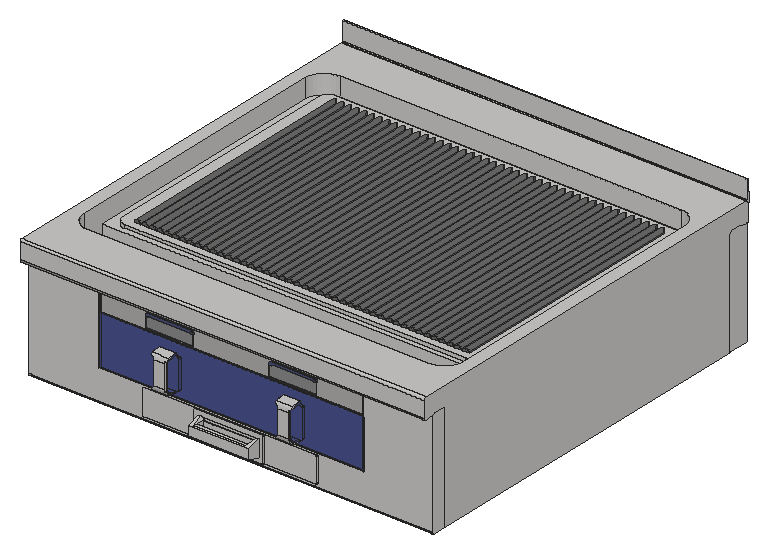
Revit family "QF_ELECTROLUXPROFESSIONAL_588067_MAHNABHOAO", category Specialty Equipment, Revit 2018
Family settings
  Round Connector Dimension = Use Diameter
  Part Type = Normal
  Work Plane-Based = No
  Always vertical = Yes
  Cut with Voids When Loaded = No
  Shared = No
  Room Calculation Point = No
Parameters
  Weight in Pounds = 264.6  # constant formula
  Watts = 15300 VA  # 15300 W
  Volts = 400 V  # constant formula
  URL Cutsheet = ""
  Type Mark [instance] = ""
  Status [instance] = ""
  Specification by User [instance] = ""
  Specification by Manufacturer = ""
  Show Clearance [instance] = yes
  Serial Number = ""
  Seismic Rating = ""
  SMACNA No = ""
  Revision Code [instance] = ""
  Phase = 3  # constant formula
  Omniclass Number and Title = ""
  Number of Poles [instance] = 1
  NAFEM Spec ID Number = ""
  Model = "588067"
  Min Ckt Ampacity = 0 A
  Max Overcurrent Protection = 0 A
  Masterspec = ""
  Manufacturer = "ELECTROLUX"
  Item Number [instance] = ""
  Installed By [instance] = ""
  Identify Quantity as Lot [instance] = yes
  HP = "20.5 HP"
  Furnished By [instance] = ""
  Foodservice Equipment Identifier [instance] = yes
  FL Amps [instance] = if(Phase = 3, Watts / (Volts * 1.73), Watts / Volts)  # 22.1098 A
  Electrical Remarks = "400 V/3N ph/50/60 Hz"  # constant formula
  Electric Connection Type [instance] = ""
  Elec Conn RI Height [instance] = 0 mm
  Elec Conn Connection Height [instance] = 0 mm
  Direct Waste Size = 0"
  Description = "EL.FRYTOP,RIBBED PL,1S,BSPL,800X800X250"
  Cycle [instance] = if([60 Hertz Option], 60 Hz, 50 Hz)  # 60 Hz
  Conn Plug = ""
  Conn Conduit = yes
  CSI MasterFormat = ""
  CSI Master Format = ""
  Apparent Power [instance] = if(Phase = 3, Volts * FL Amps * 1.73, Volts * FL Amps)  # 15300 VA
  60 Hertz Option [instance] = not([50 Hertz Option])  # yes
  50 Hertz Option [instance] = no
Reference planes
  plane 1 "BACK": y = -100
  plane 2: z = 0
  plane 3 "LEFT": x = 0
  plane 4 "RIGHT": x = 800
  plane 5 "FRONT": y = -900
  plane 6 "TOP": z = 250
  plane 7: x = 400
  plane 8: y = -500
  plane 9: y = -1330
Forms (mm)
  Extrusion 1, solid, material "QF_Finishes_Stainless Steel"
    sketch origin (0, -487.128, 0) x (0, 1, 0) y (0, 0, 1)
      loop
        line (383.128, 250) -> (-408.872, 250)
        arc (-408.872, 250) -> (-411.7, 248.828) -> (-412.872, 246) r 4
        line (-412.872, 246) -> (-412.872, 214)
        arc (-412.872, 214) -> (-411.443, 210.936) -> (-408.177, 210.061) r 4
        line (-408.177, 210.061) -> (-391.509, 213) -> (-366.872, 213) -> (-366.872, 0) -> (341.128, 0) -> (341.128, 213) -> (365.765, 213) -> (382.433, 210.061)
        arc (382.433, 210.061) -> (385.699, 210.936) -> (387.128, 214) r 4
        line (387.128, 214) -> (387.128, 246)
        arc (387.128, 246) -> (385.956, 248.828) -> (383.128, 250) r 4
    from 0 to 800
  Extrusion 2, void
    sketch origin (653.786, -55.952, 250) x (1, 0, 0) y (0, -1, 0)
      loop
        line (-590.636, 133.048) -> (83.064, 133.048)
        arc (83.064, 133.048) -> (110.04, 144.222) -> (121.214, 171.198) r 38.15
        line (121.214, 171.198) -> (121.214, 716.572)
        arc (121.214, 716.572) -> (109.944, 743.779) -> (82.737, 755.048) r 38.476
        line (82.737, 755.048) -> (-591.786, 755.048)
        arc (-591.786, 755.048) -> (-617.949, 744.211) -> (-628.786, 718.048) r 37
        line (-628.786, 718.048) -> (-628.786, 171.198)
        arc (-628.786, 171.198) -> (-617.613, 144.222) -> (-590.636, 133.048) r 38.15
    from 0 to 37
  Extrusion 3, void
    sketch origin (1307.573, -7.904, 213) x (0, 1, 0) y (1, 0, 0)
      loop
        line (-721.846, -532.573) -> (-764.62, -532.573)
        arc (-764.62, -532.573) -> (-791.827, -543.842) -> (-803.096, -571.049) r 38.476
        line (-803.096, -571.049) -> (-803.096, -1245.573)
        arc (-803.096, -1245.573) -> (-792.259, -1271.736) -> (-766.096, -1282.573) r 37
        line (-766.096, -1282.573) -> (-721.846, -1282.573) -> (-721.846, -532.573)
    from 0 to 25.6
  Extrusion 4, void
    sketch origin (1612.573, -7.904, 187.4) x (-1, 0, 0) y (0, 1, 0)
      loop
        circle (1212.573, -762.096) r 22.248
    from 0 to 92
  Extrusion 5, solid, material "QF_Finishes_Stainless Steel"
    sketch origin (0, -754, 0) x (1, 0, 0) y (0, -1, 0)
      loop
        circle (755, -69) r 6.35
    from 0 to 3.2
  Extrusion 6, solid, material "QF_Door-Drawer Clearances", visible <- "Show Clearance", detail levels coarse
    sketch origin (437.203, -881.593, 8.62) x (0, 0, 1) y (-1, 0, 0)
      loop
        line (1.973, -134.295) -> (49.317, -134.295)
        arc (49.317, -134.295) -> (50.776, -133.691) -> (51.38, -132.232) r 2.063
        line (51.38, -132.232) -> (51.38, 206.852)
        arc (51.38, 206.852) -> (50.88, 208.549) -> (49.541, 209.705) r 3.133
        line (49.541, 209.705) -> (3.067, 209.705)
        arc (3.067, 209.705) -> (0.898, 208.807) -> (0, 206.638) r 3.067
        line (0, 206.638) -> (0, -132.322)
        arc (0, -132.322) -> (0.578, -133.717) -> (1.973, -134.295) r 1.973
    from 0 to 448.407
  Extrusion 7, solid, material "QF_Finishes_Stainless Steel"
    sketch origin (0, 0, 0) x (0, 1, 0) y (0, 0, 1)
      loop
        line (-102.951, 2) -> (-102.951, 210.133)
        arc (-102.951, 210.133) -> (-103.795, 210.009) -> (-104.646, 210.066) r 4
        line (-104.646, 210.066) -> (-121.287, 213) -> (-145, 213) -> (-145, 0) -> (-104.951, 0)
        arc (-104.951, 0) -> (-103.537, 0.586) -> (-102.951, 2) r 2
      loop
        arc (-101.951, 252.006) -> (-102.537, 250.592) -> (-103.951, 250.006) r 2
        arc (-103.951, 250.006) -> (-101.172, 248.828) -> (-100, 246) r 4
        line (-100, 246) -> (-100, 288.006) -> (-101.951, 288.006) -> (-101.951, 252.006)
    from 800 to 0
Cuts and joins
  Extrusion 2, Extrusion 3, Extrusion 4 cuts Extrusion 1
Lines and regions (mm)
  symbolic lines
    curve 1: line (261.519, -902.326, 0) -> (261.519, -900, 0)
    curve 2: spline (267.188, -903.73, 0) -> (266.709, -903.657, 0) -> (266.231, -903.575, 0) -> (265.754, -903.486, 0) -> (265.278, -903.389, 0) -> (264.804, -903.283, 0) -> (264.33, -903.17, 0) -> (263.858, -903.049, 0) -> (263.387, -902.92, 0) -> (262.918, -902.783, 0) -> (262.45, -902.638, 0) -> (261.984, -902.486, 0) -> (261.519, -902.326, 0)
    curve 3: line (293.735, -902.326, 0) -> (293.735, -900, 0)
    curve 4: spline (293.735, -902.326, 0) -> (293.27, -902.486, 0) -> (292.804, -902.638, 0) -> (292.337, -902.783, 0) -> (291.867, -902.92, 0) -> (291.396, -903.049, 0) -> (290.924, -903.17, 0) -> (290.451, -903.283, 0) -> (289.976, -903.389, 0) -> (289.5, -903.486, 0) -> (289.023, -903.575, 0) -> (288.545, -903.657, 0) -> (288.066, -903.73, 0)
    curve 5: line (267.188, -903.73, 0) -> (288.066, -903.73, 0)
    curve 6: line (538.481, -902.326, 0) -> (538.481, -900, 0)
    curve 7: spline (532.812, -903.73, 0) -> (533.291, -903.657, 0) -> (533.769, -903.575, 0) -> (534.246, -903.486, 0) -> (534.722, -903.389, 0) -> (535.196, -903.283, 0) -> (535.67, -903.17, 0) -> (536.142, -903.049, 0) -> (536.613, -902.92, 0) -> (537.082, -902.783, 0) -> (537.55, -902.638, 0) -> (538.016, -902.486, 0) -> (538.481, -902.326, 0)
    curve 8: line (506.265, -902.326, 0) -> (506.265, -900, 0)
    curve 9: spline (506.265, -902.326, 0) -> (506.73, -902.486, 0) -> (507.196, -902.638, 0) -> (507.663, -902.783, 0) -> (508.133, -902.92, 0) -> (508.604, -903.049, 0) -> (509.076, -903.17, 0) -> (509.549, -903.283, 0) -> (510.024, -903.389, 0) -> (510.5, -903.486, 0) -> (510.977, -903.575, 0) -> (511.455, -903.657, 0) -> (511.934, -903.73, 0)
    curve 10: line (532.812, -903.73, 0) -> (511.934, -903.73, 0)
    curve 11: line (25, -774, 0) -> (25, -227.15, 0)
    curve 12: arc (25, -227.15, 0) -> (36.174, -200.174, 0) -> (63.15, -189, 0) r 38.15
    curve 13: line (63.15, -189, 0) -> (736.85, -189, 0)
    curve 14: arc (736.85, -189, 0) -> (763.826, -200.174, 0) -> (775, -227.15, 0) r 38.15
    curve 15: line (775, -227.15, 0) -> (775, -772.524, 0)
    curve 16: arc (775, -772.524, 0) -> (763.731, -799.731, 0) -> (736.524, -811, 0) r 38.476
    curve 17: line (736.524, -811, 0) -> (62, -811, 0)
    curve 18: arc (62, -811, 0) -> (35.837, -800.163, 0) -> (25, -774, 0) r 37
    curve 19: line (775, -729.75, 0) -> (25, -729.75, 0)
    curve 20: circle (400, -770, 0) r 22.248 normal (0, 0, -1)
    curve 21: line (0, -100, 0) -> (800, -100, 0)
    curve 22: line (0, -900, 0) -> (0, -100, 0)
    curve 23: line (800, -900, 0) -> (0, -900, 0)
    curve 24: line (800, -100, 0) -> (800, -900, 0)
    curve 25: line (347.608, -908.767, 0) -> (450.042, -908.767, 0)
    curve 26: line (450.042, -908.767, 0) -> (451.588, -900, 0)
    curve 27: line (347.608, -908.767, 0) -> (346.062, -900, 0)
  symbolic lines, style "QF_Door-Drawer Clearances"
    curve 28: line (227.498, -1330, 0) -> (227.498, -900, 0)
    curve 29: line (227.498, -1330, 0) -> (571.498, -1330, 0)
    curve 30: line (571.498, -1330, 0) -> (571.498, -900, 0)
Dimensions and locks
  plane 3 "LEFT" to plane 4 "RIGHT" = 800 mm
  plane 5 "FRONT" to plane 1 "BACK" = 800 mm
  equal spacing: plane 3 "LEFT", plane 7, plane 4 "RIGHT"
  equal spacing: plane 5 "FRONT", plane 8, plane 1 "BACK"
  plane 6 "TOP" to level = 250 mm  (x2)
  plane 1 "BACK" to plane 5 "FRONT" = 800 mm
  Extrusion 5 sketch curve to plane 1 "BACK" = 585 mm
  Extrusion 5 sketch curve to plane 4 "RIGHT" = 45 mm
  plane 5 "FRONT" to plane 9 = 430 mm
  Extrusion 7 to plane 6 "TOP" = 38.006 mm
  Extrusion 7 to level = 288.006 mm
  aligned and locked: level to plane 2
  aligned and locked: Extrusion 6 to plane 9
  aligned and locked: cut or joined group of Extrusion 1, Extrusion 2, Extrusion 3, Extrusion 4 to plane 4 "RIGHT"
  aligned and locked: plane 7 to nested 1
  aligned and locked: Extrusion 7 to plane 4 "RIGHT"
Automatic sketch dimensions
  Extrusion 1 to Extrusion 2 sketch curve = 85 mm  (x2)
  Extrusion 1 to Extrusion 2 sketch curve = 122 mm
  Extrusion 1 to Extrusion 2 sketch curve = 25 mm
  Extrusion 2 sketch curve to Extrusion 2 sketch curve = 38.15 mm  (x2)
  Extrusion 1 to Extrusion 2 sketch curve = 123.476 mm
  Extrusion 2 sketch curve to Extrusion 2 sketch curve = 674.524 mm
  Extrusion 1 sketch curve to plane 5 "FRONT" = 0 mm
  Extrusion 1 sketch curve to plane 6 "TOP" = 0 mm
  Extrusion 1 sketch curve to level = 0 mm
  Extrusion 1 sketch curve to plane 1 "BACK" = 0 mm
  Extrusion 1 sketch curve to plane 6 "TOP" = 37 mm  (x2)
  Extrusion 1 sketch curve to plane 5 "FRONT" = 4 mm
  Extrusion 1 sketch curve to plane 5 "FRONT" = 21.363 mm
  Extrusion 1 sketch curve to plane 5 "FRONT" = 46 mm
  plane 1 "BACK" to Extrusion 1 sketch curve = 21.363 mm
  plane 1 "BACK" to Extrusion 1 sketch curve = 4 mm  (x2)
  Extrusion 1 sketch curve to Extrusion 1 sketch curve = 4 mm
  Extrusion 1 sketch curve to Extrusion 1 sketch curve = 0.695 mm
  Extrusion 1 sketch curve to Extrusion 1 sketch curve = 0 mm  (x4)
  plane 1 "BACK" to Extrusion 1 sketch curve = 4.695 mm
  Extrusion 1 sketch curve to Extrusion 1 sketch curve = 1 mm  (x2)
  plane 1 "BACK" to Extrusion 1 sketch curve = 46 mm
  Extrusion 3 sketch curve to Extrusion 2 = 81.25 mm
  Extrusion 2 to Extrusion 3 sketch curve = 0 mm  (x2)
  Extrusion 3 sketch curve to Extrusion 3 sketch curve = 37 mm
  Extrusion 3 sketch curve to Extrusion 3 sketch curve = 674.524 mm
  Extrusion 3 sketch curve to Extrusion 2 = 38.476 mm
  Extrusion 4 sketch curve to Extrusion 3 = 41 mm
  Extrusion 4 sketch curve to Extrusion 3 = 375 mm
  plane 1 "BACK" to curve 21 = 0 mm
  curve 21 to plane 4 "RIGHT" = 0 mm
  curve 28 to plane 9 = 0 mm
  curve 22 to plane 3 "LEFT" = 0 mm
  plane 5 "FRONT" to curve 30 = 0 mm
  plane 4 "RIGHT" to curve 15 = 25 mm
  curve 15 to curve 13 = 38.15 mm
  curve 16 to curve 17 = 38.476 mm
  plane 5 "FRONT" to curve 6 = 2.326 mm
  plane 7 to curve 6 = 138.481 mm
  plane 5 "FRONT" to curve 10 = 3.73 mm
  curve 7 to curve 10 = 5.669 mm
  plane 5 "FRONT" to curve 26 = 8.767 mm
  curve 7 to curve 26 = 82.77 mm
  curve 10 to curve 25 = 61.891 mm
  plane 5 "FRONT" to curve 8 = 2.326 mm
  curve 10 to curve 8 = 5.669 mm
  plane 5 "FRONT" to curve 3 = 2.326 mm
  curve 3 to plane 7 = 106.265 mm
  plane 5 "FRONT" to curve 5 = 3.73 mm
  curve 3 to curve 5 = 5.669 mm
  curve 27 to curve 5 = 59.542 mm
  curve 25 to curve 5 = 80.42 mm
  plane 5 "FRONT" to curve 1 = 2.326 mm
  curve 2 to curve 1 = 5.669 mm
  plane 3 "LEFT" to curve 13 = 63.15 mm
  plane 3 "LEFT" to curve 17 = 62 mm
  plane 3 "LEFT" to curve 28 = 227.498 mm
  plane 3 "LEFT" to curve 11 = 25 mm
  plane 4 "RIGHT" to curve 30 = 228.502 mm
  curve 6 to curve 7 = 9.839 mm
  curve 7 to curve 9 = 12.538 mm
  curve 9 to curve 26 = 64.516 mm
  plane 5 "FRONT" to curve 4 = 4.032 mm
  curve 5 to curve 4 = 4.17 mm
  curve 27 to curve 4 = 62.166 mm
  curve 4 to curve 2 = 12.538 mm
  curve 20 to curve 18 = 338 mm
  plane 1 "BACK" to curve 13 = 89 mm
  curve 15 to plane 5 "FRONT" = 127.476 mm
  curve 19 to curve 18 = 44.25 mm
  curve 20 to curve 18 = 4 mm
  curve 7 to plane 5 "FRONT" = 39.101 mm
  curve 9 to curve 7 = 0 mm
  curve 2 to curve 4 = 0 mm
  level to Extrusion 6 sketch curve = 8.62 mm
  level to Extrusion 6 sketch curve = 57.937 mm
  plane 7 to Extrusion 6 sketch curve = 171.498 mm
  Extrusion 6 sketch curve to Extrusion 6 sketch curve = 1.973 mm
  Extrusion 6 sketch curve to Extrusion 6 sketch curve = 3.067 mm
  Extrusion 6 sketch curve to Extrusion 6 sketch curve = 46.474 mm
  Extrusion 6 sketch curve to Extrusion 6 sketch curve = 2.063 mm
  Extrusion 6 sketch curve to Extrusion 6 sketch curve = 3.133 mm
  Extrusion 6 sketch curve to plane 7 = 169.435 mm
  Extrusion 7 sketch curve to level = 0 mm
  Extrusion 7 sketch curve to plane 1 "BACK" = 0 mm  (x2)
  level to Extrusion 7 sketch curve = 2 mm
  Extrusion 7 sketch curve to plane 6 "TOP" = 0 mm
  plane 1 "BACK" to Extrusion 7 sketch curve = 1.951 mm
  plane 1 "BACK" to Extrusion 7 sketch curve = 2.951 mm
  Extrusion 7 sketch curve to Extrusion 7 sketch curve = 18.335 mm
  Extrusion 7 sketch curve to Extrusion 7 sketch curve = 40.049 mm
  Extrusion 7 sketch curve to Extrusion 7 sketch curve = 1.695 mm
  Extrusion 7 sketch curve to Extrusion 7 sketch curve = 0 mm  (x3)
  plane 1 "BACK" to Extrusion 7 sketch curve = 4 mm
  plane 1 "BACK" to Extrusion 7 sketch curve = 3.951 mm
  Extrusion 7 sketch curve to Extrusion 7 sketch curve = 2 mm
  Extrusion 7 sketch curve to Extrusion 7 sketch curve = 35.867 mm
  Extrusion 7 sketch curve to plane 6 "TOP" = 37 mm
  plane 6 "TOP" to Extrusion 7 sketch curve = 2.006 mm
  Extrusion 7 sketch curve to Extrusion 7 sketch curve = 36 mm
  Extrusion 7 sketch curve to Extrusion 7 sketch curve = 0.066 mm
  radius of Extrusion 4 sketch curve = 22.248 mm
  radius of Extrusion 5 sketch curve = 6.35 mm
  radius of curve 20 = 22.248 mm
Nested families
  nested 1: "EG_800_800 Front Panel with Center Grease Trap" at (402.376, -854, -650), type "EG_800_800 Front Panel with Center Grease Trap"
    with Width 800 mm
  nested 2: "EG_800_800 mm Full Grate" at (400, -509.375, -675), type "EG_800_800 mm Full Grate"
Connectors
  electrical at (755, -685, -3.2), driven by "Volts", driven by "Watts"
    settings: on Extrusion 5, index 1, voltage 400 V, apparent load 15300 VA, apparent load phase1 0 VA, apparent load phase2 0 VA, apparent load phase3 0 VA, power factor 1, load classification "Other", number of poles 1, system type 30, power factor state 1, is connector primary yes, connector utility no, sub classification motor no, connector description "ELECTRICAL CONNECTION"
Definition of nested family "EG_800_800 Front Panel with Center Grease Trap"
  Parameters
    Width [instance] = 800 mm
  Reference planes
    plane 1 "Center (Front/Back)": y = 0
    plane 2: z = 0
    plane 3 "Center (Left/Right)": x = -2.376
    plane 4: x = -402.376
    plane 5: x = 397.624
  Forms (mm)
    Extrusion 1, solid
      sketch origin (833.217, 829.203, -1.25) x (0, 1, 0) y (0, 0, 1)
        loop
          arc (-854.203, 654.25) -> (-853.324, 652.129) -> (-851.203, 651.25) r 3
          line (-851.203, 651.25) -> (-829.203, 651.25) -> (-829.203, 864.25) -> (-854.203, 864.25) -> (-854.203, 654.25)
      from -1235.593 to -435.593
    Extrusion 2, void
      sketch origin (33.217, 829.203, -1.25) x (1, 0, 0) y (0, 0, 1)
        loop
          line (-298.093, 855.116) -> (-298.093, 713.116) -> (226.907, 713.116) -> (226.907, 855.116) -> (-298.093, 855.116)
      from 848.59 to 854.203
  Cuts and joins
    Extrusion 2 cuts Extrusion 1
  Dimensions and locks
    equal spacing: plane 5, plane 3 "Center (Left/Right)", plane 4
    "Width": plane 5 to plane 4
    aligned and locked: cut or joined group of Extrusion 1, Extrusion 2 to plane 4
    aligned and locked: plane 5 to cut or joined group of Extrusion 1, Extrusion 2
    aligned and locked: plane 3 "Center (Left/Right)" to nested 2
    aligned and locked: cut or joined group of Extrusion 1, Extrusion 2 to nested 2
  Automatic sketch dimensions
    Extrusion 1 sketch curve to plane 1 "Center (Front/Back)" = 0 mm
    plane 1 "Center (Front/Back)" to Extrusion 1 sketch curve = 22 mm
    Extrusion 1 sketch curve to Extrusion 1 sketch curve = 3 mm
    level to Extrusion 1 sketch curve = 650 mm
    Extrusion 1 sketch curve to Extrusion 1 sketch curve = 210 mm
    plane 4 to Extrusion 2 sketch curve = 137.5 mm
    Extrusion 2 sketch curve to plane 5 = 137.5 mm
    level to Extrusion 2 sketch curve = 711.866 mm
    Extrusion 2 sketch curve to Extrusion 2 sketch curve = 142 mm
  Nested families
    nested 1: "Range Control Handle" at (-124.522, -28.137, -209.113) x (-1, 0, 0) z (0, 0, 1), type "Range Control Handle"
    nested 2: "800 Panel - Glass conrol panel" at (-30.376, 280.644, 2.752), type "800 Panel - Glass conrol panel"
      with Width 525 mm
    nested 3: "800 Panel - Grease trap door" at (65.223, -25, 0.608) x (-1, 0, 0) z (0, 0, 1), type "800 Panel - Grease trap door"
    nested 4: "Range Control Handle" at (119.771, -28.137, -209.113), type "Range Control Handle"
  Definition of nested family "Range Control Handle"
    Reference planes
      plane 1 "Center (Front/Back)": y = 0
      plane 2: z = 0
      plane 3 "Center (Left/Right)": x = 0
      plane 4: z = 971.092
    Forms (mm)
      Extrusion 1, solid
        sketch origin (-746.28, 380.497, 208.931) x (-1, 0, 0) y (0, 0, 1)
          loop
            line (-770.101, 786.798) -> (-770.101, 731.649)
            arc (-770.101, 731.649) -> (-769.759, 730.563) -> (-768.855, 729.87) r 1.893
            line (-768.855, 729.87) -> (-763.474, 727.911) -> (-729.81, 727.911) -> (-724.428, 729.87)
            arc (-724.428, 729.87) -> (-723.525, 730.563) -> (-723.183, 731.649) r 1.893
            line (-723.183, 731.649) -> (-723.183, 786.798)
            arc (-723.183, 786.798) -> (-723.529, 787.894) -> (-724.44, 788.593) r 1.91
            line (-724.44, 788.593) -> (-729.683, 790.819) -> (-763.601, 790.819) -> (-768.844, 788.593)
            arc (-768.844, 788.593) -> (-769.755, 787.894) -> (-770.101, 786.798) r 1.91
        from -382.35 to -378.852
      Sweep 2, solid
        path origin (-746.788, 380.496, 208.091) x (0, -1, 0) y (0, 0, 1)
          loop
            line (379.775, 793.281) -> (395.661, 791.048)
            arc (395.661, 791.048) -> (397.781, 787.377) -> (398.517, 783.202) r 12.207
            line (398.517, 783.202) -> (398.517, 737.368)
            arc (398.517, 737.368) -> (397.781, 733.193) -> (395.661, 729.522) r 12.207
            line (395.661, 729.522) -> (379.775, 727.289)
        profile origin (-746.788, -7.222, 1000.256) x (0, -0.139173, 0.990268) y (-1, 0, 0)
          loop
            line (0.782, -763.123) -> (0.782, -730.907) -> (-1.322, -730.907) -> (-1.322, -763.123) -> (0.782, -763.123)
      Sweep 3, solid
        path origin (-746.788, 380.715, 207.832) x (0, -1, 0) y (0, 0, 1)
          loop
            line (380.478, 795.442) -> (397.218, 793.09)
            arc (397.218, 793.09) -> (399.929, 788.473) -> (400.871, 783.202) r 15.207
            line (400.871, 783.202) -> (400.871, 737.584)
            arc (400.871, 737.584) -> (399.914, 732.274) -> (397.164, 727.633) r 15.207
            line (397.164, 727.633) -> (380.601, 725.305)
        profile origin (-746.788, -8.132, 1002.099) x (0, -0.139173, 0.990268) y (-1, 0, 0)
          loop
            line (0.782, -763.123) -> (0.782, -730.907) -> (-1.322, -730.907) -> (-1.322, -763.123) -> (0.782, -763.123)
      Extrusion 4, void
        sketch origin (889.253, 220.666, 207.993) x (1, 0, 0) y (0, 0, 1)
          loop
            line (-943.038, 816.854) -> (-943.038, 703.686) -> (-899.466, 734.196) -> (-899.466, 786.344) -> (-943.038, 816.854)
        from 230.636 to 242.25
      Extrusion 5, void
        sketch origin (-888.8, 220.666, 207.993) x (-1, 0, 0) y (0, 0, -1)
          loop
            line (-943.038, -816.854) -> (-899.466, -786.344) -> (-899.466, -734.196) -> (-943.038, -703.686) -> (-943.038, -816.854)
        from 230.636 to 242.25
      Extrusion 6, solid
        sketch origin (0, 0, 0) x (1, 0, 0) y (0, 0, 1)
          loop
            circle (0, 971.092) r 7.736
        from -3.137 to -1.645
    Cuts and joins
      Extrusion 4, Extrusion 5 cuts Sweep 3
      Extrusion 4, Extrusion 5 cuts Sweep 2
      joined: Extrusion 1, Extrusion 6
    Lines and regions (mm)
      symbolic lines
        curve 1: line (23.821, 1.645, 0) -> (-23.097, 1.645, 0)
        curve 2: line (16.334, -1.853, 0) -> (23.821, -1.853, 0)
        curve 3: line (-15.881, -19.189, 0) -> (-15.881, -1.853, 0)
        curve 4: line (-23.097, -1.853, 0) -> (-15.881, -1.853, 0)
        curve 5: line (16.334, -19.189, 0) -> (16.334, -1.853, 0)
        curve 6: spline (-15.881, -19.189, 0) -> (-15.417, -19.349, 0) -> (-14.951, -19.501, 0) -> (-14.483, -19.646, 0) -> (-14.014, -19.783, 0) -> (-13.543, -19.912, 0) -> (-13.071, -20.033, 0) -> (-12.597, -20.146, 0) -> (-12.122, -20.251, 0) -> (-11.646, -20.349, 0) -> (-11.169, -20.438, 0) -> (-10.691, -20.52, 0) -> (-10.213, -20.593, 0)
        curve 7: spline (10.666, -20.593, 0) -> (11.144, -20.52, 0) -> (11.622, -20.438, 0) -> (12.099, -20.349, 0) -> (12.575, -20.251, 0) -> (13.05, -20.146, 0) -> (13.524, -20.033, 0) -> (13.996, -19.912, 0) -> (14.467, -19.783, 0) -> (14.936, -19.646, 0) -> (15.404, -19.501, 0) -> (15.87, -19.349, 0) -> (16.334, -19.189, 0)
        curve 8: line (-10.213, -20.938, 0) -> (10.716, -20.938, 0)
        curve 9: line (-23.097, 1.645, 0) -> (-23.097, -1.853, 0)
        curve 10: line (23.821, 1.645, 0) -> (23.821, -1.853, 0)
  Definition of nested family "800 Panel - Glass conrol panel"
    Parameters
      Width [instance] = 525 mm
    Reference planes
      plane 1 "Center (Front/Back)": y = 0
      plane 2: z = 0
      plane 3 "Center (Left/Right)": x = 28
      plane 4: x = -234.5
      plane 5: x = 290.5
    Forms (mm)
      Extrusion 1, solid
        sketch origin (378.286, 0, 0.617) x (1, 0, 0) y (0, 0, 1)
          loop
            line (-612.786, 806.791) -> (-612.786, 708.497) -> (-87.786, 708.497) -> (-87.786, 806.791) -> (-612.786, 806.791)
        from 300.031 to 304.8
      Extrusion 2, solid
        sketch origin (378.286, 0, 0.617) x (1, 0, 0) y (0, 0, 1)
          loop
            line (-612.786, 850.497) -> (-612.786, 806.791) -> (-87.786, 806.791) -> (-87.786, 850.497) -> (-612.786, 850.497)
        from 300.031 to 304.8
      Extrusion 3, void
        sketch origin (378.286, 0, 0.617) x (1, 0, 0) y (0, 0, 1)
          loop
            line (-610.128, 847.565) -> (-610.128, 710.699) -> (-90.696, 710.699) -> (-90.696, 847.565) -> (-610.128, 847.565)
        from 303.697 to 304.8
      Extrusion 4, solid
        sketch origin (-430.455, 1.101, -0.633) x (-1, 0, 0) y (0, 0, -1)
          loop
            line (-289.431, -812.62) -> (-383.186, -812.62) -> (-383.186, -834.177) -> (-378.269, -834.177) -> (-376.469, -835.977) -> (-296.039, -835.977) -> (-294.24, -834.177) -> (-289.431, -834.177) -> (-289.431, -812.62)
        from 304.798 to 306.745
      Extrusion 5, solid
        sketch origin (-430.455, 1.101, -0.633) x (-1, 0, 0) y (0, 0, -1)
          loop
            line (-378.269, -834.177) -> (-383.078, -834.177)
            arc (-383.078, -834.177) -> (-381.942, -838.747) -> (-377.686, -840.763) r 5.5
            line (-377.686, -840.763) -> (-294.98, -840.763)
            arc (-294.98, -840.763) -> (-290.706, -838.752) -> (-289.529, -834.177) r 5.549
            line (-289.529, -834.177) -> (-294.24, -834.177) -> (-296.039, -835.977) -> (-376.469, -835.977) -> (-378.269, -834.177)
        from 304.798 to 306.745
      Extrusion 6, solid
        sketch origin (486.455, 1.101, -0.633) x (1, 0, 0) y (0, 0, 1)
          loop
            line (-289.431, 812.62) -> (-289.431, 834.177) -> (-294.24, 834.177) -> (-296.039, 835.977) -> (-376.469, 835.977) -> (-378.269, 834.177) -> (-383.186, 834.177) -> (-383.186, 812.62) -> (-289.431, 812.62)
        from 304.798 to 306.745
      Extrusion 7, solid
        sketch origin (486.455, 1.101, -0.633) x (1, 0, 0) y (0, 0, 1)
          loop
            line (-378.269, 834.177) -> (-376.469, 835.977) -> (-296.039, 835.977) -> (-294.24, 834.177) -> (-289.529, 834.177)
            arc (-289.529, 834.177) -> (-290.706, 838.752) -> (-294.98, 840.763) r 5.549
            line (-294.98, 840.763) -> (-377.686, 840.763)
            arc (-377.686, 840.763) -> (-381.942, 838.747) -> (-383.078, 834.177) r 5.5
            line (-383.078, 834.177) -> (-378.269, 834.177)
        from 304.798 to 306.745
    Cuts and joins
      Extrusion 3 cuts Extrusion 1
      Extrusion 3 cuts Extrusion 2
    Dimensions and locks
      "Width": plane 5 to plane 4
      equal spacing: plane 5, plane 3 "Center (Left/Right)", plane 4
      aligned and locked: Extrusion 1 to Extrusion 2
      aligned and locked: Extrusion 5 to Extrusion 4
      aligned and locked: plane 5 to cut or joined group of Extrusion 1, Extrusion 3
      aligned and locked: plane 5 to cut or joined group of Extrusion 2, Extrusion 3
      aligned and locked: cut or joined group of Extrusion 1, Extrusion 3 to plane 4
      aligned and locked: cut or joined group of Extrusion 2, Extrusion 3 to plane 4
      aligned and locked: Extrusion 7 to Extrusion 6
    Automatic sketch dimensions
      Extrusion 1 sketch curve to plane 4 = 0 mm
      Extrusion 1 sketch curve to plane 5 = 0 mm
      level to Extrusion 1 sketch curve = 709.114 mm
      Extrusion 1 sketch curve to Extrusion 1 sketch curve = 98.294 mm
      Extrusion 2 sketch curve to plane 4 = 0 mm
      Extrusion 2 sketch curve to plane 5 = 0 mm
      level to Extrusion 2 sketch curve = 807.408 mm
      Extrusion 2 sketch curve to Extrusion 2 sketch curve = 43.706 mm
      plane 4 to Extrusion 3 sketch curve = 2.658 mm
      level to Extrusion 3 sketch curve = 711.316 mm
      Extrusion 3 sketch curve to plane 5 = 2.909 mm
      Extrusion 3 sketch curve to Extrusion 3 sketch curve = 136.866 mm
      Extrusion 4 sketch curve to plane 3 "Center (Left/Right)" = 75.269 mm
      plane 4 to Extrusion 4 sketch curve = 100.084 mm
      level to Extrusion 4 sketch curve = 835.343 mm
      Extrusion 4 sketch curve to Extrusion 4 sketch curve = 4.917 mm
      Extrusion 4 sketch curve to Extrusion 4 sketch curve = 1.8 mm  (x4)
      Extrusion 4 sketch curve to Extrusion 4 sketch curve = 4.809 mm
      Extrusion 4 sketch curve to Extrusion 4 sketch curve = 21.557 mm
      Extrusion 5 sketch curve to plane 3 "Center (Left/Right)" = 75.377 mm
      Extrusion 5 sketch curve to plane 3 "Center (Left/Right)" = 80.769 mm
      level to Extrusion 5 sketch curve = 840.129 mm
      Extrusion 5 sketch curve to Extrusion 5 sketch curve = 0.583 mm
      Extrusion 5 sketch curve to Extrusion 5 sketch curve = 1.217 mm
      Extrusion 5 sketch curve to Extrusion 5 sketch curve = 80.43 mm
      Extrusion 5 sketch curve to Extrusion 5 sketch curve = 1.059 mm
      Extrusion 5 sketch curve to Extrusion 5 sketch curve = 0.741 mm
      Extrusion 5 sketch curve to Extrusion 5 sketch curve = 4.711 mm
      Extrusion 5 sketch curve to Extrusion 5 sketch curve = 4.786 mm
      Extrusion 5 sketch curve to Extrusion 5 sketch curve = 1.8 mm  (x2)
      plane 3 "Center (Left/Right)" to Extrusion 6 sketch curve = 75.269 mm
      level to Extrusion 6 sketch curve = 811.987 mm
      Extrusion 6 sketch curve to Extrusion 6 sketch curve = 4.917 mm
      Extrusion 6 sketch curve to Extrusion 6 sketch curve = 1.8 mm  (x3)
      Extrusion 6 sketch curve to Extrusion 6 sketch curve = 80.43 mm
      Extrusion 6 sketch curve to Extrusion 6 sketch curve = 4.809 mm
      Extrusion 6 sketch curve to Extrusion 6 sketch curve = 21.557 mm  (x2)
      plane 3 "Center (Left/Right)" to Extrusion 7 sketch curve = 75.377 mm
      plane 3 "Center (Left/Right)" to Extrusion 7 sketch curve = 80.186 mm
      level to Extrusion 7 sketch curve = 833.543 mm
      Extrusion 7 sketch curve to Extrusion 7 sketch curve = 0.583 mm
      Extrusion 7 sketch curve to Extrusion 7 sketch curve = 1.217 mm
      Extrusion 7 sketch curve to Extrusion 7 sketch curve = 80.43 mm
      Extrusion 7 sketch curve to Extrusion 7 sketch curve = 1.059 mm
      Extrusion 7 sketch curve to Extrusion 7 sketch curve = 0.741 mm
      Extrusion 7 sketch curve to Extrusion 7 sketch curve = 4.711 mm
      Extrusion 7 sketch curve to Extrusion 7 sketch curve = 0 mm
      Extrusion 7 sketch curve to Extrusion 7 sketch curve = 1.8 mm
      Extrusion 7 sketch curve to Extrusion 7 sketch curve = 4.786 mm
  Definition of nested family "800 Panel - Grease trap door"
    Reference planes
      plane 1 "Center (Front/Back)": y = 0
      plane 2: z = 0
      plane 3 "Center (Left/Right)": x = 0
    Forms (mm)
      Extrusion 1, solid
        sketch origin (1627.55, 854.203, -1.25) x (1, 0, 0) y (0, 0, 1)
          loop
            arc (-1627.55, 661.235) -> (-1626.972, 659.84) -> (-1625.577, 659.262) r 1.973
            line (-1625.577, 659.262) -> (-1494.325, 659.262)
            arc (-1494.325, 659.262) -> (-1492.156, 660.16) -> (-1491.258, 662.329) r 3.067
            line (-1491.258, 662.329) -> (-1491.258, 708.803)
            arc (-1491.258, 708.803) -> (-1492.414, 710.143) -> (-1494.111, 710.642) r 3.133
            line (-1494.111, 710.642) -> (-1625.486, 710.642)
            arc (-1625.486, 710.642) -> (-1626.945, 710.038) -> (-1627.55, 708.579) r 2.063
            line (-1627.55, 708.579) -> (-1627.55, 661.235)
        from 856.795 to 859.203
      Extrusion 2, solid
        sketch origin (445.874, 2476.61, 0) x (0, 1, 0) y (0, 0, 1)
          loop
            line (-2506.377, 675.273) -> (-2481.61, 667.505) -> (-2481.61, 700.995) -> (-2506.377, 693.227) -> (-2506.377, 675.273)
        from -437.68 to -317.68
      Extrusion 3, void
        sketch origin (1627.55, 854.203, -1.25) x (1, 0, 0) y (0, 0, 1)
          loop
            line (-1614.883, 703) -> (-1610.542, 695.433) -> (-1508.17, 695.433) -> (-1503.828, 703) -> (-1614.883, 703)
          loop
            line (-1614.883, 668) -> (-1502.669, 668) -> (-1507.01, 675.567) -> (-1610.542, 675.567) -> (-1614.883, 668)
        from 832.916 to 883.97
      Extrusion 4, void
        sketch origin (447.55, 854.203, -1.25) x (1, 0, 0) y (0, 0, 1)
          loop
            line (-430.542, 695.433) -> (-430.542, 675.567) -> (-328.17, 675.567) -> (-328.17, 695.433) -> (-430.542, 695.433)
        from 859.203 to 874.202
      Extrusion 5, solid
        sketch origin (1627.55, 854.203, -1.25) x (1, 0, 0) y (0, 0, 1)
          loop
            line (-1390.516, 710.642) -> (-1729.386, 710.642)
            arc (-1729.386, 710.642) -> (-1730.845, 710.038) -> (-1731.449, 708.579) r 2.063
            line (-1731.449, 708.579) -> (-1731.449, 661.235)
            arc (-1731.449, 661.235) -> (-1730.871, 659.84) -> (-1729.476, 659.262) r 1.973
            line (-1729.476, 659.262) -> (-1390.516, 659.262)
            arc (-1390.516, 659.262) -> (-1388.347, 660.16) -> (-1387.449, 662.329) r 3.067
            line (-1387.449, 662.329) -> (-1387.449, 707.485)
            arc (-1387.449, 707.485) -> (-1388.347, 709.653) -> (-1390.516, 710.552) r 3.067
        from 854.203 to 856.795
    Cuts and joins
      Extrusion 3 cuts Extrusion 1
      Extrusion 3, Extrusion 4 cuts Extrusion 2
      joined: Extrusion 1, Extrusion 2
    Lines and regions (mm)
      symbolic lines
        curve 1: line (0, -2.593, 0) -> (136.292, -2.593, 0)
        curve 2: line (17.557, -29.767, 0) -> (12.667, -2.593, 0)
        curve 3: line (17.557, -29.767, 0) -> (119.991, -29.767, 0)
        curve 4: line (119.991, -29.767, 0) -> (124.881, -2.593, 0)
        curve 5: line (68.146, -2.593, 0) -> (68.146, -29.767, 0)
      model lines
        curve 6: line (67.599, 0, 658.012) -> (67.599, 0, 709.392)
    Dimensions and locks
      aligned and locked: Extrusion 2 to Extrusion 1
      aligned and locked: Extrusion 3 to Extrusion 2
      aligned and locked: Extrusion 4 to Extrusion 1
Definition of nested family "EG_800_800 mm Full Grate"
  Parameters
    Length = 662 mm
    Array = Length / 15 mm  # 44
  Reference planes
    plane 1 "Center (Front/Back)": y = 0
    plane 2: z = 0
    plane 3 "Center (Left/Right)": x = 0
    plane 4: x = -355
    plane 5: x = 355
    plane 6: z = 900
    plane 7: z = 888
    plane 8: x = -331
    plane 9: x = 331
  Forms (mm)
    Extrusion 1, solid
      sketch origin (453.786, 467.26, 0) x (1, 0, 0) y (0, 1, 0)
        loop
          line (-808.786, -175.198) -> (-808.786, -660.472)
          arc (-808.786, -660.472) -> (-803.807, -672.493) -> (-791.786, -677.472) r 17
          line (-791.786, -677.472) -> (-116.936, -677.472)
          arc (-116.936, -677.472) -> (-104.102, -672.156) -> (-98.786, -659.322) r 18.15
          line (-98.786, -659.322) -> (-98.786, -175.198)
          arc (-98.786, -175.198) -> (-104.102, -162.364) -> (-116.936, -157.048) r 18.15
          line (-116.936, -157.048) -> (-790.636, -157.048)
          arc (-790.636, -157.048) -> (-803.47, -162.364) -> (-808.786, -175.198) r 18.15
      from 888 to 894.474
  Lines and regions (mm)
    symbolic lines
      curve 1: line (-331, 286.484, 0) -> (-324.5, 295.767, 0)
      curve 2: line (-324.5, 295.767, 0) -> (-318, 286.484, 0)
      curve 3: line (-318, -186.484, 0) -> (-318, 286.484, 0)
      curve 4: line (-331, 286.484, 0) -> (-331, -186.484, 0)
      curve 5: line (-324.5, -195.767, 0) -> (-331, -186.484, 0)
      curve 6: line (-318, -186.484, 0) -> (-324.5, -195.767, 0)
      curve 7: line (318, 286.484, 0) -> (324.5, 295.767, 0)
      curve 8: line (324.5, 295.767, 0) -> (331, 286.484, 0)
      curve 9: line (331, -186.484, 0) -> (331, 286.484, 0)
      curve 10: line (318, 286.484, 0) -> (318, -186.484, 0)
      curve 11: line (324.5, -195.767, 0) -> (318, -186.484, 0)
      curve 12: line (331, -186.484, 0) -> (324.5, -195.767, 0)
      curve 13: line (-315.907, 286.484, 0) -> (-309.407, 295.767, 0)
      curve 14: line (-309.407, 295.767, 0) -> (-302.907, 286.484, 0)
      curve 15: line (-302.907, -186.484, 0) -> (-302.907, 286.484, 0)
      curve 16: line (-315.907, 286.484, 0) -> (-315.907, -186.484, 0)
      curve 17: line (-309.407, -195.767, 0) -> (-315.907, -186.484, 0)
      curve 18: line (-302.907, -186.484, 0) -> (-309.407, -195.767, 0)
      curve 19: line (-300.814, 286.484, 0) -> (-294.314, 295.767, 0)
      curve 20: line (-294.314, 295.767, 0) -> (-287.814, 286.484, 0)
      curve 21: line (-287.814, -186.484, 0) -> (-287.814, 286.484, 0)
      curve 22: line (-300.814, 286.484, 0) -> (-300.814, -186.484, 0)
      curve 23: line (-294.314, -195.767, 0) -> (-300.814, -186.484, 0)
      curve 24: line (-287.814, -186.484, 0) -> (-294.314, -195.767, 0)
      curve 25: line (-285.721, 286.484, 0) -> (-279.221, 295.767, 0)
      curve 26: line (-279.221, 295.767, 0) -> (-272.721, 286.484, 0)
      curve 27: line (-272.721, -186.484, 0) -> (-272.721, 286.484, 0)
      curve 28: line (-285.721, 286.484, 0) -> (-285.721, -186.484, 0)
      curve 29: line (-279.221, -195.767, 0) -> (-285.721, -186.484, 0)
      curve 30: line (-272.721, -186.484, 0) -> (-279.221, -195.767, 0)
      curve 31: line (-270.628, 286.484, 0) -> (-264.128, 295.767, 0)
      curve 32: line (-264.128, 295.767, 0) -> (-257.628, 286.484, 0)
      curve 33: line (-257.628, -186.484, 0) -> (-257.628, 286.484, 0)
      curve 34: line (-270.628, 286.484, 0) -> (-270.628, -186.484, 0)
      curve 35: line (-264.128, -195.767, 0) -> (-270.628, -186.484, 0)
      curve 36: line (-257.628, -186.484, 0) -> (-264.128, -195.767, 0)
      curve 37: line (-255.535, 286.484, 0) -> (-249.035, 295.767, 0)
      curve 38: line (-249.035, 295.767, 0) -> (-242.535, 286.484, 0)
      curve 39: line (-242.535, -186.484, 0) -> (-242.535, 286.484, 0)
      curve 40: line (-255.535, 286.484, 0) -> (-255.535, -186.484, 0)
      curve 41: line (-249.035, -195.767, 0) -> (-255.535, -186.484, 0)
      curve 42: line (-242.535, -186.484, 0) -> (-249.035, -195.767, 0)
      curve 43: line (-240.442, 286.484, 0) -> (-233.942, 295.767, 0)
      curve 44: line (-233.942, 295.767, 0) -> (-227.442, 286.484, 0)
      curve 45: line (-227.442, -186.484, 0) -> (-227.442, 286.484, 0)
      curve 46: line (-240.442, 286.484, 0) -> (-240.442, -186.484, 0)
      curve 47: line (-233.942, -195.767, 0) -> (-240.442, -186.484, 0)
      curve 48: line (-227.442, -186.484, 0) -> (-233.942, -195.767, 0)
      curve 49: line (-225.349, 286.484, 0) -> (-218.849, 295.767, 0)
      curve 50: line (-218.849, 295.767, 0) -> (-212.349, 286.484, 0)
      curve 51: line (-212.349, -186.484, 0) -> (-212.349, 286.484, 0)
      curve 52: line (-225.349, 286.484, 0) -> (-225.349, -186.484, 0)
      curve 53: line (-218.849, -195.767, 0) -> (-225.349, -186.484, 0)
      curve 54: line (-212.349, -186.484, 0) -> (-218.849, -195.767, 0)
      curve 55: line (-210.256, 286.484, 0) -> (-203.756, 295.767, 0)
      curve 56: line (-203.756, 295.767, 0) -> (-197.256, 286.484, 0)
      curve 57: line (-197.256, -186.484, 0) -> (-197.256, 286.484, 0)
      curve 58: line (-210.256, 286.484, 0) -> (-210.256, -186.484, 0)
      curve 59: line (-203.756, -195.767, 0) -> (-210.256, -186.484, 0)
      curve 60: line (-197.256, -186.484, 0) -> (-203.756, -195.767, 0)
      curve 61: line (-195.163, 286.484, 0) -> (-188.663, 295.767, 0)
      curve 62: line (-188.663, 295.767, 0) -> (-182.163, 286.484, 0)
      curve 63: line (-182.163, -186.484, 0) -> (-182.163, 286.484, 0)
      curve 64: line (-195.163, 286.484, 0) -> (-195.163, -186.484, 0)
      curve 65: line (-188.663, -195.767, 0) -> (-195.163, -186.484, 0)
      curve 66: line (-182.163, -186.484, 0) -> (-188.663, -195.767, 0)
      curve 67: line (-180.07, 286.484, 0) -> (-173.57, 295.767, 0)
      curve 68: line (-173.57, 295.767, 0) -> (-167.07, 286.484, 0)
      curve 69: line (-167.07, -186.484, 0) -> (-167.07, 286.484, 0)
      curve 70: line (-180.07, 286.484, 0) -> (-180.07, -186.484, 0)
      curve 71: line (-173.57, -195.767, 0) -> (-180.07, -186.484, 0)
      curve 72: line (-167.07, -186.484, 0) -> (-173.57, -195.767, 0)
      curve 73: line (-164.977, 286.484, 0) -> (-158.477, 295.767, 0)
      curve 74: line (-158.477, 295.767, 0) -> (-151.977, 286.484, 0)
      curve 75: line (-151.977, -186.484, 0) -> (-151.977, 286.484, 0)
      curve 76: line (-164.977, 286.484, 0) -> (-164.977, -186.484, 0)
      curve 77: line (-158.477, -195.767, 0) -> (-164.977, -186.484, 0)
      curve 78: line (-151.977, -186.484, 0) -> (-158.477, -195.767, 0)
      curve 79: line (-149.884, 286.484, 0) -> (-143.384, 295.767, 0)
      curve 80: line (-143.384, 295.767, 0) -> (-136.884, 286.484, 0)
      curve 81: line (-136.884, -186.484, 0) -> (-136.884, 286.484, 0)
      curve 82: line (-149.884, 286.484, 0) -> (-149.884, -186.484, 0)
      curve 83: line (-143.384, -195.767, 0) -> (-149.884, -186.484, 0)
      curve 84: line (-136.884, -186.484, 0) -> (-143.384, -195.767, 0)
      curve 85: line (-134.791, 286.484, 0) -> (-128.291, 295.767, 0)
      curve 86: line (-128.291, 295.767, 0) -> (-121.791, 286.484, 0)
      curve 87: line (-121.791, -186.484, 0) -> (-121.791, 286.484, 0)
      curve 88: line (-134.791, 286.484, 0) -> (-134.791, -186.484, 0)
      curve 89: line (-128.291, -195.767, 0) -> (-134.791, -186.484, 0)
      curve 90: line (-121.791, -186.484, 0) -> (-128.291, -195.767, 0)
      curve 91: line (-119.698, 286.484, 0) -> (-113.198, 295.767, 0)
      curve 92: line (-113.198, 295.767, 0) -> (-106.698, 286.484, 0)
      curve 93: line (-106.698, -186.484, 0) -> (-106.698, 286.484, 0)
      curve 94: line (-119.698, 286.484, 0) -> (-119.698, -186.484, 0)
      curve 95: line (-113.198, -195.767, 0) -> (-119.698, -186.484, 0)
      curve 96: line (-106.698, -186.484, 0) -> (-113.198, -195.767, 0)
      curve 97: line (-104.605, 286.484, 0) -> (-98.105, 295.767, 0)
      curve 98: line (-98.105, 295.767, 0) -> (-91.605, 286.484, 0)
      curve 99: line (-91.605, -186.484, 0) -> (-91.605, 286.484, 0)
      curve 100: line (-104.605, 286.484, 0) -> (-104.605, -186.484, 0)
      curve 101: line (-98.105, -195.767, 0) -> (-104.605, -186.484, 0)
      curve 102: line (-91.605, -186.484, 0) -> (-98.105, -195.767, 0)
      curve 103: line (-89.512, 286.484, 0) -> (-83.012, 295.767, 0)
      curve 104: line (-83.012, 295.767, 0) -> (-76.512, 286.484, 0)
      curve 105: line (-76.512, -186.484, 0) -> (-76.512, 286.484, 0)
      curve 106: line (-89.512, 286.484, 0) -> (-89.512, -186.484, 0)
      curve 107: line (-83.012, -195.767, 0) -> (-89.512, -186.484, 0)
      curve 108: line (-76.512, -186.484, 0) -> (-83.012, -195.767, 0)
      curve 109: line (-74.419, 286.484, 0) -> (-67.919, 295.767, 0)
      curve 110: line (-67.919, 295.767, 0) -> (-61.419, 286.484, 0)
      curve 111: line (-61.419, -186.484, 0) -> (-61.419, 286.484, 0)
      curve 112: line (-74.419, 286.484, 0) -> (-74.419, -186.484, 0)
      curve 113: line (-67.919, -195.767, 0) -> (-74.419, -186.484, 0)
      curve 114: line (-61.419, -186.484, 0) -> (-67.919, -195.767, 0)
      curve 115: line (-59.326, 286.484, 0) -> (-52.826, 295.767, 0)
      curve 116: line (-52.826, 295.767, 0) -> (-46.326, 286.484, 0)
      curve 117: line (-46.326, -186.484, 0) -> (-46.326, 286.484, 0)
      curve 118: line (-59.326, 286.484, 0) -> (-59.326, -186.484, 0)
      curve 119: line (-52.826, -195.767, 0) -> (-59.326, -186.484, 0)
      curve 120: line (-46.326, -186.484, 0) -> (-52.826, -195.767, 0)
      curve 121: line (-44.233, 286.484, 0) -> (-37.733, 295.767, 0)
      curve 122: line (-37.733, 295.767, 0) -> (-31.233, 286.484, 0)
      curve 123: line (-31.233, -186.484, 0) -> (-31.233, 286.484, 0)
      curve 124: line (-44.233, 286.484, 0) -> (-44.233, -186.484, 0)
      curve 125: line (-37.733, -195.767, 0) -> (-44.233, -186.484, 0)
      curve 126: line (-31.233, -186.484, 0) -> (-37.733, -195.767, 0)
      curve 127: line (-29.14, 286.484, 0) -> (-22.64, 295.767, 0)
      curve 128: line (-22.64, 295.767, 0) -> (-16.14, 286.484, 0)
      curve 129: line (-16.14, -186.484, 0) -> (-16.14, 286.484, 0)
      curve 130: line (-29.14, 286.484, 0) -> (-29.14, -186.484, 0)
      curve 131: line (-22.64, -195.767, 0) -> (-29.14, -186.484, 0)
      curve 132: line (-16.14, -186.484, 0) -> (-22.64, -195.767, 0)
      curve 133: line (-14.047, 286.484, 0) -> (-7.547, 295.767, 0)
      curve 134: line (-7.547, 295.767, 0) -> (-1.047, 286.484, 0)
      curve 135: line (-1.047, -186.484, 0) -> (-1.047, 286.484, 0)
      curve 136: line (-14.047, 286.484, 0) -> (-14.047, -186.484, 0)
      curve 137: line (-7.547, -195.767, 0) -> (-14.047, -186.484, 0)
      curve 138: line (-1.047, -186.484, 0) -> (-7.547, -195.767, 0)
      curve 139: line (1.047, 286.484, 0) -> (7.547, 295.767, 0)
      curve 140: line (7.547, 295.767, 0) -> (14.047, 286.484, 0)
      curve 141: line (14.047, -186.484, 0) -> (14.047, 286.484, 0)
      curve 142: line (1.047, 286.484, 0) -> (1.047, -186.484, 0)
      curve 143: line (7.547, -195.767, 0) -> (1.047, -186.484, 0)
      curve 144: line (14.047, -186.484, 0) -> (7.547, -195.767, 0)
      curve 145: line (16.14, 286.484, 0) -> (22.64, 295.767, 0)
      curve 146: line (22.64, 295.767, 0) -> (29.14, 286.484, 0)
      curve 147: line (29.14, -186.484, 0) -> (29.14, 286.484, 0)
      curve 148: line (16.14, 286.484, 0) -> (16.14, -186.484, 0)
      curve 149: line (22.64, -195.767, 0) -> (16.14, -186.484, 0)
      curve 150: line (29.14, -186.484, 0) -> (22.64, -195.767, 0)
      curve 151: line (31.233, 286.484, 0) -> (37.733, 295.767, 0)
      curve 152: line (37.733, 295.767, 0) -> (44.233, 286.484, 0)
      curve 153: line (44.233, -186.484, 0) -> (44.233, 286.484, 0)
      curve 154: line (31.233, 286.484, 0) -> (31.233, -186.484, 0)
      curve 155: line (37.733, -195.767, 0) -> (31.233, -186.484, 0)
      curve 156: line (44.233, -186.484, 0) -> (37.733, -195.767, 0)
      curve 157: line (46.326, 286.484, 0) -> (52.826, 295.767, 0)
      curve 158: line (52.826, 295.767, 0) -> (59.326, 286.484, 0)
      curve 159: line (59.326, -186.484, 0) -> (59.326, 286.484, 0)
      curve 160: line (46.326, 286.484, 0) -> (46.326, -186.484, 0)
      curve 161: line (52.826, -195.767, 0) -> (46.326, -186.484, 0)
      curve 162: line (59.326, -186.484, 0) -> (52.826, -195.767, 0)
      curve 163: line (61.419, 286.484, 0) -> (67.919, 295.767, 0)
      curve 164: line (67.919, 295.767, 0) -> (74.419, 286.484, 0)
      curve 165: line (74.419, -186.484, 0) -> (74.419, 286.484, 0)
      curve 166: line (61.419, 286.484, 0) -> (61.419, -186.484, 0)
      curve 167: line (67.919, -195.767, 0) -> (61.419, -186.484, 0)
      curve 168: line (74.419, -186.484, 0) -> (67.919, -195.767, 0)
      curve 169: line (76.512, 286.484, 0) -> (83.012, 295.767, 0)
      curve 170: line (83.012, 295.767, 0) -> (89.512, 286.484, 0)
      curve 171: line (89.512, -186.484, 0) -> (89.512, 286.484, 0)
      curve 172: line (76.512, 286.484, 0) -> (76.512, -186.484, 0)
      curve 173: line (83.012, -195.767, 0) -> (76.512, -186.484, 0)
      curve 174: line (89.512, -186.484, 0) -> (83.012, -195.767, 0)
      curve 175: line (91.605, 286.484, 0) -> (98.105, 295.767, 0)
      curve 176: line (98.105, 295.767, 0) -> (104.605, 286.484, 0)
      curve 177: line (104.605, -186.484, 0) -> (104.605, 286.484, 0)
      curve 178: line (91.605, 286.484, 0) -> (91.605, -186.484, 0)
      curve 179: line (98.105, -195.767, 0) -> (91.605, -186.484, 0)
      curve 180: line (104.605, -186.484, 0) -> (98.105, -195.767, 0)
      curve 181: line (106.698, 286.484, 0) -> (113.198, 295.767, 0)
      curve 182: line (113.198, 295.767, 0) -> (119.698, 286.484, 0)
      curve 183: line (119.698, -186.484, 0) -> (119.698, 286.484, 0)
      curve 184: line (106.698, 286.484, 0) -> (106.698, -186.484, 0)
      curve 185: line (113.198, -195.767, 0) -> (106.698, -186.484, 0)
      curve 186: line (119.698, -186.484, 0) -> (113.198, -195.767, 0)
      curve 187: line (121.791, 286.484, 0) -> (128.291, 295.767, 0)
      curve 188: line (128.291, 295.767, 0) -> (134.791, 286.484, 0)
      curve 189: line (134.791, -186.484, 0) -> (134.791, 286.484, 0)
      curve 190: line (121.791, 286.484, 0) -> (121.791, -186.484, 0)
      curve 191: line (128.291, -195.767, 0) -> (121.791, -186.484, 0)
      curve 192: line (134.791, -186.484, 0) -> (128.291, -195.767, 0)
      curve 193: line (136.884, 286.484, 0) -> (143.384, 295.767, 0)
      curve 194: line (143.384, 295.767, 0) -> (149.884, 286.484, 0)
      curve 195: line (149.884, -186.484, 0) -> (149.884, 286.484, 0)
      curve 196: line (136.884, 286.484, 0) -> (136.884, -186.484, 0)
      curve 197: line (143.384, -195.767, 0) -> (136.884, -186.484, 0)
      curve 198: line (149.884, -186.484, 0) -> (143.384, -195.767, 0)
      curve 199: line (151.977, 286.484, 0) -> (158.477, 295.767, 0)
      curve 200: line (158.477, 295.767, 0) -> (164.977, 286.484, 0)
      curve 201: line (164.977, -186.484, 0) -> (164.977, 286.484, 0)
      curve 202: line (151.977, 286.484, 0) -> (151.977, -186.484, 0)
      curve 203: line (158.477, -195.767, 0) -> (151.977, -186.484, 0)
      curve 204: line (164.977, -186.484, 0) -> (158.477, -195.767, 0)
      curve 205: line (167.07, 286.484, 0) -> (173.57, 295.767, 0)
      curve 206: line (173.57, 295.767, 0) -> (180.07, 286.484, 0)
      curve 207: line (180.07, -186.484, 0) -> (180.07, 286.484, 0)
      curve 208: line (167.07, 286.484, 0) -> (167.07, -186.484, 0)
      curve 209: line (173.57, -195.767, 0) -> (167.07, -186.484, 0)
      curve 210: line (180.07, -186.484, 0) -> (173.57, -195.767, 0)
      curve 211: line (182.163, 286.484, 0) -> (188.663, 295.767, 0)
      curve 212: line (188.663, 295.767, 0) -> (195.163, 286.484, 0)
      curve 213: line (195.163, -186.484, 0) -> (195.163, 286.484, 0)
      curve 214: line (182.163, 286.484, 0) -> (182.163, -186.484, 0)
      curve 215: line (188.663, -195.767, 0) -> (182.163, -186.484, 0)
      curve 216: line (195.163, -186.484, 0) -> (188.663, -195.767, 0)
      curve 217: line (197.256, 286.484, 0) -> (203.756, 295.767, 0)
      curve 218: line (203.756, 295.767, 0) -> (210.256, 286.484, 0)
      curve 219: line (210.256, -186.484, 0) -> (210.256, 286.484, 0)
      curve 220: line (197.256, 286.484, 0) -> (197.256, -186.484, 0)
      curve 221: line (203.756, -195.767, 0) -> (197.256, -186.484, 0)
      curve 222: line (210.256, -186.484, 0) -> (203.756, -195.767, 0)
      curve 223: line (212.349, 286.484, 0) -> (218.849, 295.767, 0)
      curve 224: line (218.849, 295.767, 0) -> (225.349, 286.484, 0)
      curve 225: line (225.349, -186.484, 0) -> (225.349, 286.484, 0)
      curve 226: line (212.349, 286.484, 0) -> (212.349, -186.484, 0)
      curve 227: line (218.849, -195.767, 0) -> (212.349, -186.484, 0)
      curve 228: line (225.349, -186.484, 0) -> (218.849, -195.767, 0)
      curve 229: line (227.442, 286.484, 0) -> (233.942, 295.767, 0)
      curve 230: line (233.942, 295.767, 0) -> (240.442, 286.484, 0)
      curve 231: line (240.442, -186.484, 0) -> (240.442, 286.484, 0)
      curve 232: line (227.442, 286.484, 0) -> (227.442, -186.484, 0)
      curve 233: line (233.942, -195.767, 0) -> (227.442, -186.484, 0)
      curve 234: line (240.442, -186.484, 0) -> (233.942, -195.767, 0)
      curve 235: line (242.535, 286.484, 0) -> (249.035, 295.767, 0)
      curve 236: line (249.035, 295.767, 0) -> (255.535, 286.484, 0)
      curve 237: line (255.535, -186.484, 0) -> (255.535, 286.484, 0)
      curve 238: line (242.535, 286.484, 0) -> (242.535, -186.484, 0)
      curve 239: line (249.035, -195.767, 0) -> (242.535, -186.484, 0)
      curve 240: line (255.535, -186.484, 0) -> (249.035, -195.767, 0)
      curve 241: line (257.628, 286.484, 0) -> (264.128, 295.767, 0)
      curve 242: line (264.128, 295.767, 0) -> (270.628, 286.484, 0)
      curve 243: line (270.628, -186.484, 0) -> (270.628, 286.484, 0)
      curve 244: line (257.628, 286.484, 0) -> (257.628, -186.484, 0)
      curve 245: line (264.128, -195.767, 0) -> (257.628, -186.484, 0)
      curve 246: line (270.628, -186.484, 0) -> (264.128, -195.767, 0)
      curve 247: line (272.721, 286.484, 0) -> (279.221, 295.767, 0)
      curve 248: line (279.221, 295.767, 0) -> (285.721, 286.484, 0)
      curve 249: line (285.721, -186.484, 0) -> (285.721, 286.484, 0)
      curve 250: line (272.721, 286.484, 0) -> (272.721, -186.484, 0)
      curve 251: line (279.221, -195.767, 0) -> (272.721, -186.484, 0)
      curve 252: line (285.721, -186.484, 0) -> (279.221, -195.767, 0)
      curve 253: line (287.814, 286.484, 0) -> (294.314, 295.767, 0)
      curve 254: line (294.314, 295.767, 0) -> (300.814, 286.484, 0)
      curve 255: line (300.814, -186.484, 0) -> (300.814, 286.484, 0)
      curve 256: line (287.814, 286.484, 0) -> (287.814, -186.484, 0)
      curve 257: line (294.314, -195.767, 0) -> (287.814, -186.484, 0)
      curve 258: line (300.814, -186.484, 0) -> (294.314, -195.767, 0)
      curve 259: line (302.907, 286.484, 0) -> (309.407, 295.767, 0)
      curve 260: line (309.407, 295.767, 0) -> (315.907, 286.484, 0)
      curve 261: line (315.907, -186.484, 0) -> (315.907, 286.484, 0)
      curve 262: line (302.907, 286.484, 0) -> (302.907, -186.484, 0)
      curve 263: line (309.407, -195.767, 0) -> (302.907, -186.484, 0)
      curve 264: line (315.907, -186.484, 0) -> (309.407, -195.767, 0)
      curve 265: line (336.85, 310.212, 0) -> (-336.85, 310.212, 0)
      curve 266: arc (-336.85, 310.212, 0) -> (-349.684, 304.896, 0) -> (-355, 292.062, 0) r 18.15
      curve 267: line (-355, 292.062, 0) -> (-355, -193.212, 0)
      curve 268: arc (-355, -193.212, 0) -> (-350.021, -205.233, 0) -> (-338, -210.212, 0) r 17
      curve 269: line (-338, -210.212, 0) -> (336.85, -210.212, 0)
      curve 270: arc (336.85, -210.212, 0) -> (349.684, -204.896, 0) -> (355, -192.062, 0) r 18.15
      curve 271: line (355, -192.062, 0) -> (355, 292.062, 0)
      curve 272: arc (355, 292.062, 0) -> (349.684, 304.896, 0) -> (336.85, 310.212, 0) r 18.15
  Dimensions and locks
    plane 6 to level = 900 mm
    plane 6 to plane 7 = 12 mm
    locked: plane 9 to plane 5 at 24
    "Length": plane 8 to plane 9
    equal spacing: group 1, group 3, group 4, group 5, group 6, group 7, group 8, group 9, group 10, group 11, group 12, group 13, group 14, group 15, group 16, group 17, group 18, group 19, group 20, group 21, group 22, group 23, group 24, group 25, group 26, group 27, group 28, group 29, group 30, group 31, group 32, group 33, group 34, group 35, group 36, group 37, group 38, group 39, group 40, group 41, group 42, group 43, group 44, group 2  (x3)
    plane 4 to plane 5 = 710 mm
    plane 4 to plane 8 = 24 mm
    aligned and locked: Extrusion 1 to nested 1
    aligned and locked: Extrusion 1 to plane 7
    aligned and locked: plane 8 to nested 1
    aligned and locked: plane 9 to nested 2
    aligned and locked: curve 266 to Extrusion 1
    aligned and locked: curve 272 to Extrusion 1
  Automatic sketch dimensions
    Extrusion 1 sketch curve to plane 4 = 0 mm
    Extrusion 1 sketch curve to plane 5 = 0 mm
    Extrusion 1 sketch curve to plane 8 = 7 mm
    Extrusion 1 sketch curve to plane 8 = 5.85 mm
    plane 9 to Extrusion 1 sketch curve = 5.85 mm  (x2)
    plane 1 "Center (Front/Back)" to Extrusion 1 sketch curve = 210.212 mm
    Extrusion 1 sketch curve to plane 1 "Center (Front/Back)" = 292.062 mm
    curve 1 to curve 1 = 6.5 mm
    curve 4 to curve 5 = 6.5 mm
    curve 2 to curve 2 = 6.5 mm
    curve 6 to curve 3 = 9.283 mm
    curve 5 to curve 4 = 9.283 mm
    curve 4 to curve 4 = 472.969 mm
    curve 1 to curve 3 = 0 mm
    curve 1 to curve 1 = 9.283 mm
    curve 7 to curve 7 = 6.5 mm
    curve 10 to curve 11 = 6.5 mm
    curve 8 to curve 8 = 6.5 mm
    curve 12 to curve 9 = 9.283 mm
    curve 11 to curve 10 = 9.283 mm
    curve 10 to curve 10 = 472.969 mm
    curve 7 to curve 9 = 0 mm
    curve 7 to curve 7 = 9.283 mm
    curve 13 to curve 13 = 6.5 mm
    curve 16 to curve 17 = 6.5 mm
    curve 14 to curve 14 = 6.5 mm
    curve 18 to curve 15 = 9.283 mm
    curve 17 to curve 16 = 9.283 mm
    curve 16 to curve 16 = 472.969 mm
    curve 13 to curve 15 = 0 mm
    curve 13 to curve 13 = 9.283 mm
    curve 19 to curve 19 = 6.5 mm
    curve 22 to curve 23 = 6.5 mm
    curve 20 to curve 20 = 6.5 mm
    curve 24 to curve 21 = 9.283 mm
    curve 23 to curve 22 = 9.283 mm
    curve 22 to curve 22 = 472.969 mm
    curve 19 to curve 21 = 0 mm
    curve 19 to curve 19 = 9.283 mm
    curve 25 to curve 25 = 6.5 mm
    curve 28 to curve 29 = 6.5 mm
    curve 26 to curve 26 = 6.5 mm
    curve 30 to curve 27 = 9.283 mm
    curve 29 to curve 28 = 9.283 mm
    curve 28 to curve 28 = 472.969 mm
    curve 25 to curve 27 = 0 mm
    curve 25 to curve 25 = 9.283 mm
    curve 31 to curve 31 = 6.5 mm
    curve 34 to curve 35 = 6.5 mm
    curve 32 to curve 32 = 6.5 mm
    curve 36 to curve 33 = 9.283 mm
    curve 35 to curve 34 = 9.283 mm
    curve 34 to curve 34 = 472.969 mm
    curve 31 to curve 33 = 0 mm
    curve 31 to curve 31 = 9.283 mm
    curve 37 to curve 37 = 6.5 mm
    curve 40 to curve 41 = 6.5 mm
    curve 38 to curve 38 = 6.5 mm
    curve 42 to curve 39 = 9.283 mm
    curve 41 to curve 40 = 9.283 mm
    curve 40 to curve 40 = 472.969 mm
    curve 37 to curve 39 = 0 mm
    curve 37 to curve 37 = 9.283 mm
    curve 43 to curve 43 = 6.5 mm
    curve 46 to curve 47 = 6.5 mm
    curve 44 to curve 44 = 6.5 mm
    curve 48 to curve 45 = 9.283 mm
    curve 47 to curve 46 = 9.283 mm
    curve 46 to curve 46 = 472.969 mm
    curve 43 to curve 45 = 0 mm
    curve 43 to curve 43 = 9.283 mm
    curve 49 to curve 49 = 6.5 mm
    curve 52 to curve 53 = 6.5 mm
    curve 50 to curve 50 = 6.5 mm
    curve 54 to curve 51 = 9.283 mm
    curve 53 to curve 52 = 9.283 mm
    curve 52 to curve 52 = 472.969 mm
    curve 49 to curve 51 = 0 mm
    curve 49 to curve 49 = 9.283 mm
    curve 55 to curve 55 = 6.5 mm
    curve 58 to curve 59 = 6.5 mm
